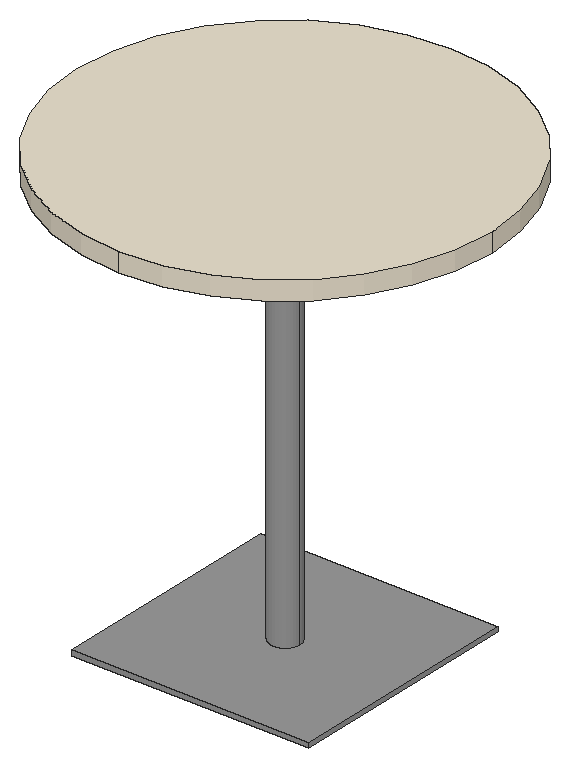
Revit family "FU_Table_Sandler_595T-XT", category Furniture, Revit 2020
Family settings
  OmniClass Number = 23.40.20.00
  OmniClass Title = General Furniture and Specialties
  Work Plane-Based = No
  Always vertical = Yes
  Cut with Voids When Loaded = No
  Shared = No
  Room Calculation Point = No
Parameters (values of type "595T XT - 28" Round (70cm)")
  Width = 400 mm
  URL = "https://www.sandlerseating.com/product/art-595t-xt/"
  Top Size = FU_TableTops_MT Rnd : 28" Round (70cm)
  Top Elevation = Height  # 720 mm
  Top Finish [instance] = Wood - Beech - Grey Stained
  Model = "595T XT"
  Manufacturer = "Sandler"
  Height = 720 mm
  Frame Finish [instance] = Metal - Steel - Matt-Satin
  Description = "Table base in stainless steel."
  Depth = Width  # 400 mm
  Default Elevation = 0 mm
Types (5, lengths in mm): name | Top Size
  (no name) | FU_TableTops_MT Rnd : 28" Round (70cm)
  595T XT - 24" Round (60cm) | FU_TableTops_MT Rnd : 24" Round (60cm)
  595T XT - 28" Round (70cm) | FU_TableTops_MT Rnd : 28" Round (70cm)
  595T XT - 24" Square (60cm) | FU_TableTops_MT Sqr : 24" Square (60cm)
  595T XT - 28" Square (70cm) | FU_TableTops_MT Sqr : 28" Square (70cm)
Reference planes
  plane 1 "Center (Front/Back)": y = 0
  plane 2: z = 0
  plane 3 "Center (Left/Right)": x = 0
  plane 4 "Right": x = -200
  plane 5 "Left": x = 200
  plane 6 "Back": y = 200
  plane 7 "Front": y = -200
  plane 8 "Height": z = 720
  plane 9 "Top Support": z = 700
  plane 10 "Glide Height": z = 6
  plane 11 "Base height": z = 14
  plane 12 "R Pad C": x = -184
  plane 13 "B Pad C": y = 184
  plane 14 "L Pad C": x = 184
  plane 15 "F Pad C": y = -184
Forms (mm)
  Extrusion 1, solid, material "Metal - Steel - Matt-Satin" <- "Frame Finish"
    sketch origin (0, 0, 6) x (-1, 0, 0) y (0, -1, 0)
      loop
        line (200, -200) -> (200, 200) -> (-200, 200) -> (-200, -200) -> (200, -200)
    from 0 to 8
  Revolve 2, solid, material "Rubber, Black"
    sketch origin (0, 0, 0) x (1, 0, 0) y (0, 0, 1)
      loop
        line (-184, 0) -> (-184, 6) -> (-192, 6) -> (-192, 2)
        arc (-192, 2) -> (-191.414, 0.586) -> (-190, 0) r 2
        line (-190, 0) -> (-184, 0)
      axis (-184, 6) -> (-184, 0)
    angle from 0 to 360
  Revolve 3, solid, material "Rubber, Black"
    sketch origin (0, 0, 0) x (-1, 0, 0) y (0, 0, 1)
      loop
        line (-184, 0) -> (-184, 6) -> (-192, 6) -> (-192, 2)
        arc (-192, 2) -> (-191.414, 0.586) -> (-190, 0) r 2
        line (-190, 0) -> (-184, 0)
      axis (-184, 6) -> (-184, 0)
    angle from 0 to 360
  Revolve 4, solid, material "Rubber, Black"
    sketch origin (0, 0, 0) x (0, 1, 0) y (0, 0, 1)
      loop
        line (-184, 6) -> (-192, 6) -> (-192, 2)
        arc (-192, 2) -> (-191.414, 0.586) -> (-190, 0) r 2
        line (-190, 0) -> (-184, 0) -> (-184, 6)
      axis (-184, 6) -> (-184, 0)
    angle from 0 to 360
  Revolve 5, solid, material "Rubber, Black"
    sketch origin (0, 0, 0) x (0, -1, 0) y (0, 0, 1)
      loop
        line (-184, 6) -> (-192, 6) -> (-192, 2)
        arc (-192, 2) -> (-191.414, 0.586) -> (-190, 0) r 2
        line (-190, 0) -> (-184, 0) -> (-184, 6)
      axis (-184, 6) -> (-184, 0)
    angle from 0 to 360
  Extrusion 6, solid, material "Metal - Steel - Matt-Satin" <- "Frame Finish"
    sketch origin (0, 0, 6) x (-1, 0, 0) y (0, -1, 0)
      loop
        circle (0, 0) r 25
    from 0 to 694
Dimensions and locks
  equal spacing: plane 4 "Right", plane 3 "Center (Left/Right)", plane 5 "Left"
  "Width": plane 4 "Right" to plane 5 "Left"
  equal spacing: plane 6 "Back", plane 1 "Center (Front/Back)", plane 7 "Front"
  "Depth": plane 6 "Back" to plane 7 "Front"
  "Height": plane 8 "Height" to level
  locked: plane 8 "Height" to plane 9 "Top Support" at 20
  locked: plane 4 "Right" to plane 12 "R Pad C" at 16
  plane 14 "L Pad C" to plane 5 "Left" = 16 mm
  locked: plane 6 "Back" to plane 13 "B Pad C" at 16
  locked: plane 15 "F Pad C" to plane 7 "Front" at 16
  aligned and locked: level to plane 2
  aligned and locked: plane 11 "Base height" to Extrusion 1
  aligned and locked: Extrusion 1 to plane 11 "Base height"  (x3)
  aligned and locked: plane 8 "Height" to nested 1
  aligned and locked: Extrusion 6 to plane 10 "Glide Height"
  aligned and locked: plane 9 "Top Support" to Extrusion 6
  aligned and locked: Extrusion 1 sketch curve to plane 6 "Back"
  aligned and locked: Extrusion 1 sketch curve to plane 4 "Right"
  aligned and locked: plane 7 "Front" to Extrusion 1 sketch curve
  aligned and locked: plane 5 "Left" to Extrusion 1 sketch curve
Automatic sketch dimensions
  Revolve 2 sketch curve to plane 10 "Glide Height" = 0 mm
  Revolve 2 sketch curve to level = 0 mm
  plane 12 "R Pad C" to Revolve 2 sketch curve = 0 mm  (x2)
  Revolve 2 sketch curve to Revolve 2 sketch curve = 6 mm
  Revolve 2 sketch curve to Revolve 2 sketch curve = 2 mm
  Revolve 2 sketch curve to level = 10.049 mm
  Revolve 2 sketch curve to plane 11 "Base height" = 2.095 mm
  Revolve 3 sketch curve to plane 10 "Glide Height" = 0 mm
  Revolve 3 sketch curve to level = 0 mm
  Revolve 3 sketch curve to plane 14 "L Pad C" = 0 mm  (x2)
  Revolve 3 sketch curve to Revolve 3 sketch curve = 6 mm
  Revolve 3 sketch curve to Revolve 3 sketch curve = 2 mm
  level to Revolve 3 sketch curve = 10.049 mm
  plane 11 "Base height" to Revolve 3 sketch curve = 2.095 mm
  Revolve 4 sketch curve to plane 10 "Glide Height" = 0 mm
  Revolve 4 sketch curve to level = 0 mm
  Revolve 4 sketch curve to plane 15 "F Pad C" = 0 mm  (x2)
  level to Revolve 4 sketch curve = 2 mm
  plane 15 "F Pad C" to Revolve 4 sketch curve = 6 mm
  Revolve 4 sketch curve to level = 5.787 mm
  Revolve 4 sketch curve to plane 11 "Base height" = 1.201 mm
  Revolve 5 sketch curve to plane 10 "Glide Height" = 0 mm
  Revolve 5 sketch curve to level = 0 mm
  Revolve 5 sketch curve to plane 13 "B Pad C" = 0 mm  (x2)
  Revolve 5 sketch curve to level = 2 mm
  Revolve 5 sketch curve to plane 13 "B Pad C" = 6 mm
  Revolve 5 sketch curve to Revolve 5 sketch curve = 5.787 mm
  plane 11 "Base height" to Revolve 5 sketch curve = 1.201 mm
  plane 1 "Center (Front/Back)" to Extrusion 6 sketch curve = 0 mm
  Extrusion 6 sketch curve to plane 3 "Center (Left/Right)" = 0 mm
  radius of Extrusion 6 sketch curve = 25 mm
Nested families
  nested 1: "MT Top Support" at (0, 0, 0), Frame Finish <- "Frame Finish", type "MT Top Support"
    with Frame Finish Metal - Steel - Matt-Satin
  nested 2: "FU_TableTops_MT Rnd" at (0, 0, 0), type <- "Top Size", Top Finish <- "Top Finish", Top Elevation <- "Top Elevation", type "28" Round (70cm)"
    with Top Finish Wood - Beech - Grey Stained, Top Elevation 720 mm
Definition of nested family "MT Top Support"
  Parameters (values of type "MT Top Support")
    Frame Finish [instance] = none
    Default Elevation = 0 mm
  Reference planes
    plane 1 "Center (Front/Back)": y = 0
    plane 2: z = 0
    plane 3 "Center (Left/Right)": x = 0
    plane 4 "Right": x = -210
    plane 5 "Left": x = 210
    plane 6 "Back": y = 210
    plane 7 "Front": y = -210
    plane 8 "Height": z = 720
    plane 9: z = 700
  Forms (mm)
    Extrusion 1, solid, material <- "Frame Finish"
      sketch origin (0, 0, 700) x (-1, 0, 0) y (0, -1, 0)
        loop
          line (48, 44.024) -> (119.736, 115.76)
          arc (119.736, 115.76) -> (116.918, 118.6) -> (114.032, 121.37) r 166.741
          line (114.032, 121.37) -> (40.38, 47.718) -> (-40.38, 47.718) -> (-114.032, 121.37)
          arc (-114.032, 121.37) -> (-116.918, 118.6) -> (-119.736, 115.76) r 166.741
          line (-119.736, 115.76) -> (-48, 44.024) -> (-48, -44.024) -> (-120.014, -116.038)
          arc (-120.014, -116.038) -> (-117.202, -118.884) -> (-114.323, -121.661) r 166.741
          line (-114.323, -121.661) -> (-40.944, -48.282) -> (40.944, -48.282) -> (114.323, -121.661)
          arc (114.323, -121.661) -> (117.202, -118.884) -> (120.014, -116.038) r 166.741
          line (120.014, -116.038) -> (48, -44.024) -> (48, 44.024)
      from 0 to 15
    Extrusion 2, solid, material <- "Frame Finish"
      sketch origin (0, 0, 720) x (-1, 0, 0) y (0, -1, 0)
        loop
          arc (48, 9.198) -> (50.194, 20.46) -> (56.455, 30.074) r 30
          line (56.455, 30.074) -> (155.027, 131.809)
          arc (155.027, 131.809) -> (157.282, 137.439) -> (154.939, 143.033) r 8
          line (154.939, 143.033) -> (142.122, 155.85)
          arc (142.122, 155.85) -> (136.465, 158.193) -> (130.808, 155.85) r 8
          line (130.808, 155.85) -> (32.027, 57.069)
          arc (32.027, 57.069) -> (22.294, 50.566) -> (10.814, 48.282) r 30
          line (10.814, 48.282) -> (-10.814, 48.282)
          arc (-10.814, 48.282) -> (-22.294, 50.566) -> (-32.027, 57.069) r 30
          line (-32.027, 57.069) -> (-130.808, 155.85)
          arc (-130.808, 155.85) -> (-136.465, 158.193) -> (-142.122, 155.85) r 8
          line (-142.122, 155.85) -> (-154.939, 143.033)
          arc (-154.939, 143.033) -> (-157.282, 137.439) -> (-155.027, 131.809) r 8
          line (-155.027, 131.809) -> (-56.455, 30.074)
          arc (-56.455, 30.074) -> (-50.194, 20.46) -> (-48, 9.198) r 30
          line (-48, 9.198) -> (-48, -9.198)
          arc (-48, -9.198) -> (-50.194, -20.46) -> (-56.455, -30.074) r 30
          line (-56.455, -30.074) -> (-155.027, -131.809)
          arc (-155.027, -131.809) -> (-157.282, -137.439) -> (-154.939, -143.033) r 8
          line (-154.939, -143.033) -> (-142.122, -155.85)
          arc (-142.122, -155.85) -> (-136.465, -158.193) -> (-130.808, -155.85) r 8
          line (-130.808, -155.85) -> (-32.027, -57.069)
          arc (-32.027, -57.069) -> (-22.294, -50.566) -> (-10.814, -48.282) r 30
          line (-10.814, -48.282) -> (10.814, -48.282)
          arc (10.814, -48.282) -> (22.294, -50.566) -> (32.027, -57.069) r 30
          line (32.027, -57.069) -> (130.808, -155.85)
          arc (130.808, -155.85) -> (136.465, -158.193) -> (142.122, -155.85) r 8
          line (142.122, -155.85) -> (154.939, -143.033)
          arc (154.939, -143.033) -> (157.282, -137.439) -> (155.027, -131.809) r 8
          line (155.027, -131.809) -> (56.455, -30.074)
          arc (56.455, -30.074) -> (50.194, -20.46) -> (48, -9.198) r 30
          line (48, -9.198) -> (48, 9.198)
        loop
          line (-134.399, -141.055) -> (-124.502, -131.158)
          arc (-124.502, -131.158) -> (-124.502, -125.502) -> (-130.158, -125.502) r 3.999
          line (-130.158, -125.502) -> (-140.055, -135.399)
          arc (-140.055, -135.399) -> (-140, -141.001) -> (-134.399, -141.055) r 4
        loop
          arc (134.399, -141.055) -> (140, -141.001) -> (140.055, -135.399) r 4
          line (140.055, -135.399) -> (130.158, -125.502)
          arc (130.158, -125.502) -> (124.502, -125.502) -> (124.502, -131.158) r 3.999
          line (124.502, -131.158) -> (134.399, -141.055)
        loop
          arc (-134.399, 141.055) -> (-140, 141.001) -> (-140.055, 135.399) r 4
          line (-140.055, 135.399) -> (-130.158, 125.502)
          arc (-130.158, 125.502) -> (-124.502, 125.502) -> (-124.502, 131.158) r 3.999
          line (-124.502, 131.158) -> (-134.399, 141.055)
        loop
          line (134.399, 141.055) -> (124.502, 131.158)
          arc (124.502, 131.158) -> (124.502, 125.502) -> (130.158, 125.502) r 3.999
          line (130.158, 125.502) -> (140.055, 135.399)
          arc (140.055, 135.399) -> (140, 141.001) -> (134.399, 141.055) r 4
        loop
          circle (0, 0) r 7.5
      from -10 to 0
  Dimensions and locks
    equal spacing: plane 4 "Right", plane 3 "Center (Left/Right)", plane 5 "Left"
    plane 4 "Right" to plane 5 "Left" = 420 mm
    equal spacing: plane 6 "Back", plane 1 "Center (Front/Back)", plane 7 "Front"
    plane 6 "Back" to plane 7 "Front" = 420 mm
    plane 8 "Height" to level = 720 mm
    locked: plane 8 "Height" to plane 9 at 20
    aligned and locked: level to plane 2
  Automatic sketch dimensions
    plane 1 "Center (Front/Back)" to Extrusion 2 sketch curve = 0 mm
    Extrusion 2 sketch curve to plane 3 "Center (Left/Right)" = 0 mm
    plane 3 "Center (Left/Right)" to Extrusion 2 sketch curve = 10.814 mm  (x2)
    Extrusion 2 sketch curve to Extrusion 2 sketch curve = 21.213 mm  (x4)
    plane 1 "Center (Front/Back)" to Extrusion 2 sketch curve = 9.198 mm  (x2)
    plane 3 "Center (Left/Right)" to Extrusion 2 sketch curve = 48 mm
    Extrusion 2 sketch curve to plane 1 "Center (Front/Back)" = 30.074 mm  (x2)
    Extrusion 2 sketch curve to Extrusion 2 sketch curve = 8.455 mm  (x4)
    plane 1 "Center (Front/Back)" to Extrusion 2 sketch curve = 30.074 mm  (x2)
    Extrusion 2 sketch curve to plane 1 "Center (Front/Back)" = 9.198 mm  (x2)
    plane 5 "Left" to Extrusion 2 sketch curve = 85.498 mm  (x2)
    Extrusion 2 sketch curve to Extrusion 2 sketch curve = 2.828 mm  (x12)
    Extrusion 2 sketch curve to Extrusion 2 sketch curve = 6.306 mm  (x4)
    Extrusion 2 sketch curve to Extrusion 2 sketch curve = 9.897 mm  (x8)
    Extrusion 2 sketch curve to Extrusion 2 sketch curve = 5.657 mm  (x16)
    Extrusion 2 sketch curve to Extrusion 2 sketch curve = 2.773 mm  (x8)
    Extrusion 2 sketch curve to Extrusion 2 sketch curve = 2.883 mm  (x4)
    Extrusion 2 sketch curve to Extrusion 2 sketch curve = 9.227 mm  (x4)
    Extrusion 2 sketch curve to Extrusion 2 sketch curve = 5.745 mm  (x4)
    Extrusion 2 sketch curve to plane 3 "Center (Left/Right)" = 10.814 mm  (x2)
    Extrusion 2 sketch curve to plane 3 "Center (Left/Right)" = 48 mm
    Extrusion 2 sketch curve to plane 1 "Center (Front/Back)" = 48.282 mm
    Extrusion 2 sketch curve to Extrusion 2 sketch curve = 8.787 mm  (x4)
    Extrusion 2 sketch curve to plane 6 "Back" = 84.498 mm  (x2)
    Extrusion 2 sketch curve to Extrusion 2 sketch curve = 6.307 mm  (x4)
    Extrusion 2 sketch curve to Extrusion 2 sketch curve = 5.567 mm  (x4)
    Extrusion 2 sketch curve to Extrusion 2 sketch curve = 9.138 mm  (x4)
    plane 1 "Center (Front/Back)" to Extrusion 2 sketch curve = 48.282 mm
    plane 7 "Front" to Extrusion 2 sketch curve = 84.498 mm  (x2)
    Extrusion 1 sketch curve to Extrusion 1 sketch curve = 0 mm  (x12)
    Extrusion 1 sketch curve to plane 3 "Center (Left/Right)" = 0 mm
    plane 3 "Center (Left/Right)" to Extrusion 1 sketch curve = 40.38 mm
    plane 3 "Center (Left/Right)" to Extrusion 1 sketch curve = 40.944 mm
    Extrusion 1 sketch curve to Extrusion 1 sketch curve = 7.056 mm  (x2)
    plane 5 "Left" to Extrusion 1 sketch curve = 95.968 mm
    plane 5 "Left" to Extrusion 1 sketch curve = 95.677 mm
    Extrusion 1 sketch curve to Extrusion 1 sketch curve = 5.704 mm  (x2)
    Extrusion 1 sketch curve to Extrusion 1 sketch curve = 5.691 mm  (x2)
    Extrusion 1 sketch curve to plane 3 "Center (Left/Right)" = 40.38 mm
    Extrusion 1 sketch curve to plane 3 "Center (Left/Right)" = 40.944 mm
    Extrusion 1 sketch curve to plane 6 "Back" = 88.339 mm  (x2)
    Extrusion 1 sketch curve to Extrusion 1 sketch curve = 5.623 mm
    Extrusion 1 sketch curve to plane 1 "Center (Front/Back)" = 48.282 mm
    Extrusion 1 sketch curve to Extrusion 1 sketch curve = 4.258 mm  (x2)
    plane 1 "Center (Front/Back)" to Extrusion 1 sketch curve = 44.024 mm  (x2)
    Extrusion 1 sketch curve to Extrusion 1 sketch curve = 3.693 mm
    plane 7 "Front" to Extrusion 1 sketch curve = 94.24 mm  (x2)
    Extrusion 1 sketch curve to plane 4 "Right" = 95.968 mm
    Extrusion 1 sketch curve to plane 4 "Right" = 95.677 mm
    Extrusion 2 sketch curve to plane 4 "Right" = 85.498 mm  (x2)
    radius of Extrusion 2 sketch curve = 7.5 mm
Definition of nested family "FU_TableTops_MT Rnd"
  Parameters (values of type "59" Round (150cm)")
    Width = 1500 mm
    Top Finish [instance] = none
    Top Elevation [instance] = 1100 mm
    Depth = Width  # 1500 mm
    Default Elevation = 0 mm
  Types (10, lengths in mm): name | Width | Depth
    24" Round (60cm) | 600 | 600
    28" Round (70cm) | 700 | 700
    32" Round (80cm) | 800 | 800
    36" Round (90cm) | 900 | 900
    40" Round (100cm) | 1000 | 1000
    44" Round (110cm) | 1100 | 1100
    47" Round (120cm) | 1200 | 1200
    51" Round (130cm) | 1300 | 1300
    55" Round (140cm) | 1400 | 1400
    59" Round (150cm) | 1500 | 1500
  Reference planes
    plane 1 "Center (Front/Back)": y = 0
    plane 2: z = 0
    plane 3 "Center (Left/Right)": x = 0
    plane 4 "Right": x = -750
    plane 5 "Left": x = 750
    plane 6 "Back": y = 750
    plane 7 "Front": y = -750
    plane 8 "Elevation": z = 1100
    plane 9 "Top Height": z = 1131.75
  Forms (mm)
    Extrusion 1, solid, material <- "Top Finish"
      sketch origin (0, 0, 1100) x (-1, 0, 0) y (0, -1, 0)
        loop
          arc (0, -750) -> (530.33, -530.33) -> (750, 0) r 750
          arc (750, 0) -> (530.33, 530.33) -> (0, 750) r 750
          arc (0, 750) -> (-530.33, 530.33) -> (-750, 0) r 750
          arc (-750, 0) -> (-530.33, -530.33) -> (0, -750) r 750
      from 0 to 31.75
  Dimensions and locks
    equal spacing: plane 4 "Right", plane 3 "Center (Left/Right)", plane 5 "Left"
    "Width": plane 4 "Right" to plane 5 "Left"
    equal spacing: plane 6 "Back", plane 1 "Center (Front/Back)", plane 7 "Front"
    "Depth": plane 6 "Back" to plane 7 "Front"
    "Top Elevation": plane 8 "Elevation" to level
    locked: plane 9 "Top Height" to plane 8 "Elevation" at 31.75
    aligned and locked: level to plane 2
    aligned and locked: plane 9 "Top Height" to Extrusion 1
  Automatic sketch dimensions
    Extrusion 1 sketch curve to Extrusion 1 sketch curve = 0 mm  (x7)
    plane 1 "Center (Front/Back)" to Extrusion 1 sketch curve = 0 mm  (x2)
    Extrusion 1 sketch curve to plane 5 "Left" = 0 mm
    Extrusion 1 sketch curve to plane 3 "Center (Left/Right)" = 0 mm  (x3)
    Extrusion 1 sketch curve to plane 6 "Back" = 0 mm
